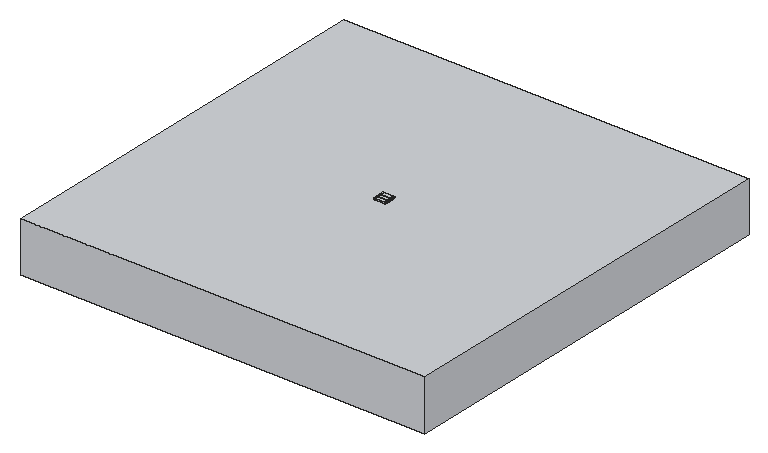
Revit family "Gira_2023112", category Elektroinstallationen, Revit 2017
Family settings
  Basisbauteil = Fläche
  Beschriftungsausrichtung beibehalten = Nein
  Bemaßung runder Anschluss = Durchmesser verwenden
  Teiletyp = Normal
  Beim Laden mit Abzugskörper schneiden = Nein
  Gemeinsam genutzt = Nein
  Raumberechnungspunkt = Nein
Parameters (values of type "KNX Tastsens.3 Basis 3f Flächenschalter Reinweiß")
  Werkstoffgüte = "Thermoplast"
  Werkstoff Text = "Kunststoff"
  Default Elevation = 1219.2 mm
  URL = "https://www.gira.de/"
  Typname = "KNX Tastsens.3 Basis 3f Flächenschalter Reinweiß"
  Type Comments = ""
  Transparent = no
  Schutzart (IP) = "IP20"
  RAL-Nummer (ähnlich) = 9010
  Produktseite = "https://media.stage.bim.site/t/eyJhbGciOiJIUzI1NiIsInR5cCI6IkpXVCJ9.eyJjdCI6MiwidHUiOiJodHRwOi8va2F0YWxvZy5naXJhLmRlL2RlX0RFL2RhdGVuYmxhdHQuaHRtbD9hcnRpa2VsbnI9MjAyMzExMiIsImNpZCI6IjMyNzdjYzIzLTgxYTktNGVlMy1hOTBhLWI0N2JiNGMwYjYxNiIsInJpZCI6IjcyMzA0ZDA4OTgxMzRhZjUyODZhNzE3ZTViOTNmMTI1IiwicGlkIjoiMTM2OThmYzI0YWU5OTg5MzZlZjQxZjEyY2QwMjkyYmY3NjUyZGY3NCIsInNpZCI6IjYzNDcwIiwidXQiOjEsImxjIjoiZGUiLCJpYXQiOjE2MDA5Mzg2NDMsImlzcyI6Imh0dHBzOi8vYXBpLmxpdmUuYmltLnNpdGUiLCJzdWIiOiJhZG1pbkBiaW1zaXRlLmRldiJ9.bggxGC-aE_p__lzBmFGycQ9E7bsu6kC_Qb_cSFGGkuk"
  Oberfläche Text = "Sandguss"
  Montageart = "Unterputz"
  Model = ""
  Mit Raumthermostat = no
  Mit LED-Anzeige = yes
  Mit Infrarotsensor = no
  Mit Display = no
  Mit Diebstahl-/Demontageschutz = yes
  Mit Busankopplung = no
  Mit Beschriftungsfeld = no
  Kosten = 0
  Hersteller = "Gira"
  HeinzeBIM = "https://www.heinze.de/bim/knx-tastsens-3-basis-3f-flaechenschalter-reinweiss/13698fc24ae998936ef41f12cd0292bf7652df74"
  HAN = "2023112"
  GTIN = "4010337087786"
  Farbe = "weiß"
  Datenblatt 1 = "https://media.stage.bim.site/t/eyJhbGciOiJIUzI1NiIsInR5cCI6IkpXVCJ9.eyJjdCI6MSwidGYiOiJwdWJsaWMvZ2lyYS9hZThjNTU3LzIwMjMxMTIudHh0IiwiY2lkIjoiMzI3N2NjMjMtODFhOS00ZWUzLWE5MGEtYjQ3YmI0YzBiNjE2IiwicmlkIjoiNzIzMDRkMDg5ODEzNGFmNTI4NmE3MTdlNWI5M2YxMjUiLCJwaWQiOiIxMzY5OGZjMjRhZTk5ODkzNmVmNDFmMTJjZDAyOTJiZjc2NTJkZjc0Iiwic2lkIjoiNjM0NzAiLCJ1dCI6MSwibGMiOiJkZSIsImlhdCI6MTYwMDkzODY0MywiaXNzIjoiaHR0cHM6Ly9hcGkubGl2ZS5iaW0uc2l0ZSIsInN1YiI6ImFkbWluQGJpbXNpdGUuZGV2In0.Mqj-nFOuf1qd5ITfVvZ9qcbhNe9ipJR2OjoqEXWVGco/2023112.txt"
  Datenblatt = "https://media.stage.bim.site/t/eyJhbGciOiJIUzI1NiIsInR5cCI6IkpXVCJ9.eyJjdCI6MSwidHUiOiJodHRwczovL2thdGFsb2cuZ2lyYS5kZS9kZV9ERS9kb3dubG9hZC5odG1sP2FydGlrZWxucj0yMDIzMTEyIiwiY2lkIjoiMzI3N2NjMjMtODFhOS00ZWUzLWE5MGEtYjQ3YmI0YzBiNjE2IiwicmlkIjoiNzIzMDRkMDg5ODEzNGFmNTI4NmE3MTdlNWI5M2YxMjUiLCJwaWQiOiIxMzY5OGZjMjRhZTk5ODkzNmVmNDFmMTJjZDAyOTJiZjc2NTJkZjc0Iiwic2lkIjoiNjM0NzAiLCJ1dCI6MSwibGMiOiJkZSIsImlhdCI6MTYwMDkzODY0MywiaXNzIjoiaHR0cHM6Ly9hcGkubGl2ZS5iaW0uc2l0ZSIsInN1YiI6ImFkbWluQGJpbXNpdGUuZGV2In0.totsjR1JXqFt49hrD-P-J5eImv1ofHGLPJCuYJAgHyQ"
  Bussystem Powernet = no
  Bussystem LON = no
  Bussystem KNX-Funk = no
  Bussystem KNX = yes
  Bussystem Funkbus = no
  Beschreibung = "KNX Tastsensor 3 Basis 3fach  Reinweiß glänzend Merkmale:  Montage auf Busankoppler 3.  Demontageschutz durch Verschraubung.  Wippenfunktion: Schalten, Dimmen, Jalousie, Wertgeber 1 Byte und Szenennebenstelle.  Zwei blaue Status-LEDs je Bedienfläche.  Weiße Betriebs-LED.  Funktion der Betriebs-LED und der Status-LED parametrierbar.  Hinweise :  Professionelle Beschriftung über den Gira Beschriftungsservice www.beschriftung.gira.de."
  Assembly Code = ""
  Keynote = ""
  BIMSITE_PRODUCT_ID = "13698fc24ae998936ef41f12cd0292bf7652df74"
  BIM = "https://media.stage.bim.site/t/eyJhbGciOiJIUzI1NiIsInR5cCI6IkpXVCJ9.eyJjdCI6MSwidGYiOiJwdWJsaWMvZ2lyYS9hZThjNTU3L0tOWCBUYXN0c2Vuc29yIDMgS29tZm9ydCAzZmFjaC5yZmEiLCJjaWQiOiIzMjc3Y2MyMy04MWE5LTRlZTMtYTkwYS1iNDdiYjRjMGI2MTYiLCJyaWQiOiI3MjMwNGQwODk4MTM0YWY1Mjg2YTcxN2U1YjkzZjEyNSIsInBpZCI6IjEzNjk4ZmMyNGFlOTk4OTM2ZWY0MWYxMmNkMDI5MmJmNzY1MmRmNzQiLCJzaWQiOiI2MzQ3MCIsInV0Ijo1LCJsYyI6ImRlIiwiaWF0IjoxNjAwOTM4NjQzLCJpc3MiOiJodHRwczovL2FwaS5saXZlLmJpbS5zaXRlIiwic3ViIjoiYWRtaW5AYmltc2l0ZS5kZXYifQ.tFTwCaw2WyZm3PBoVu5-tWLKf7W6cRhFaPlj6AaDCZk/KNX Tastsensor 3 Komfort 3fach.rfa"
  Ausführung der Oberfläche = "glänzend"
  Anzahl der Tasten = 3
  Anzahl der Betätigungspunkte = 6
  Andere Bussysteme = "ohne"
Reference planes
  plane 1 "Center (Front/Back)": y = 0
  plane 2: z = 0
  plane 3 "Center (Left/Right)": x = 0
  plane 4: z = -9.604
Forms (mm)
  Extrusion 1, solid
    sketch origin (0, 0, 0) x (1, 0, 0) y (0, 1, 0)
      loop
        line (-1219.2, 1219.2) -> (-1219.2, -1219.2) -> (1219.2, -1219.2) -> (1219.2, 1219.2) -> (-1219.2, 1219.2)
    from 0 to -304.8
  Extrusion 2, solid, detail levels fine
    sketch origin (0, 0, 0) x (1, 0, 0) y (0, 0, 1)
      loop
        line (-35.204, 3.097) -> (-35.258, 0) -> (-34.021, 0) -> (-33.888, 1.9) -> (33.888, 1.9) -> (34.021, 0) -> (35.258, 0) -> (35.204, 3.097) -> (34.204, 3.884) -> (35.165, 5.362) -> (35.143, 6.6) -> (-35.143, 6.6) -> (-35.165, 5.362) -> (-34.204, 3.884) -> (-35.204, 3.097)
    from -35.386 to -11.985
  Extrusion 3, solid, detail levels fine
    sketch origin (0, 0, 0) x (1, 0, 0) y (0, 0, 1)
      loop
        line (-34.914, -3.101) -> (34.914, -3.101) -> (34.835, -1.601) -> (33.811, -1.601) -> (33.523, 1.699) -> (-33.523, 1.699) -> (-33.811, -1.601) -> (-34.835, -1.601) -> (-34.914, -3.101)
    from -35 to 34.963
  SweptBlend 4, solid, detail levels fine
    path origin (0, 0, 0) x (0, 1, 0) y (0, 0, 1)
      loop
        line (0, -4.751) -> (0, -3.101)
    profile origin (0, 0, -4.751) x (0, -1, 0) y (1, 0, 0)
      loop
        line (-33.684, -33.637) -> (33.649, -33.637) -> (33.649, 33.637) -> (-33.684, 33.637) -> (-33.684, -33.637)
    end profile origin (0, 0, -3.101) x (0, -1, 0) y (1, 0, 0)
      loop
        line (33.94, -33.987) -> (33.94, 33.987) -> (-34.035, 33.987) -> (-34.035, -33.987) -> (33.94, -33.987)
  Extrusion 5, solid, detail levels fine
    sketch origin (0, 0, 0) x (1, 0, 0) y (0, 1, 0)
      loop
        line (-23.957, 19.167) -> (-23.957, 7.073) -> (-25.607, 7.073) -> (-25.607, -7.04) -> (-23.957, -7.04) -> (-23.957, -19.133)
        arc (-23.957, -19.133) -> (-22.549, -22.532) -> (-19.15, -23.94) r 4.807
        line (-19.15, -23.94) -> (19.15, -23.94)
        arc (19.15, -23.94) -> (22.549, -22.532) -> (23.957, -19.133) r 4.807
        line (23.957, -19.133) -> (23.957, -7.04) -> (25.607, -7.04) -> (25.607, 7.073) -> (23.957, 7.073) -> (23.957, 19.167)
        arc (23.957, 19.167) -> (22.549, 22.565) -> (19.15, 23.973) r 4.807
        line (19.15, 23.973) -> (-19.15, 23.973)
        arc (-19.15, 23.973) -> (-22.549, 22.565) -> (-23.957, 19.167) r 4.807
      loop
        line (-23.8, 6.217) -> (-24.95, 6.217) -> (-24.95, -6.183) -> (-23.843, -6.183) -> (-17.1, -3.181) -> (-17.1, 3.214) -> (-23.8, 6.217)
      loop
        line (23.843, 6.217) -> (17.1, 3.214) -> (17.1, -3.181) -> (23.8, -6.183) -> (24.95, -6.183) -> (24.95, 6.217) -> (23.843, 6.217)
    from -4.501 to -7.001
  Extrusion 6, solid, detail levels fine
    sketch origin (0, 0, 0) x (1, 0, 0) y (0, 1, 0)
      loop
        line (18.766, 1.305) -> (18.766, -1.275) -> (21, -2.565) -> (23.234, -1.275) -> (23.234, 1.305) -> (21, 2.595) -> (18.766, 1.305)
      loop
        line (-23.234, 1.305) -> (-23.234, -1.275) -> (-21, -2.565) -> (-18.766, -1.275) -> (-18.766, 1.305) -> (-21, 2.595) -> (-23.234, 1.305)
    from -5.101 to -7.001
  Extrusion 7, solid, detail levels fine
    sketch origin (0, 0, 0) x (1, 0, 0) y (0, 1, 0)
      loop
        line (-6.603, -21.281) -> (-6.603, -15.981) -> (6.603, -15.981) -> (6.603, -21.281) -> (7.397, -21.281) -> (7.397, -15.186) -> (-7.397, -15.186) -> (-7.397, -21.281) -> (-6.603, -21.281)
    from -7.301 to -10.401
  Extrusion 8, solid, detail levels fine
    sketch origin (0, 0, 0) x (1, 0, 0) y (0, 1, 0)
      loop
        line (-8.504, -14.749) -> (-8.504, -22.758) -> (8.504, -22.758) -> (8.504, -14.749) -> (-8.504, -14.749)
      loop
        circle (-5.08, -17.483) r 0.5
      loop
        circle (-2.54, -17.483) r 0.5
      loop
        circle (0, -17.483) r 0.5
      loop
        circle (2.54, -17.483) r 0.5
      loop
        circle (5.08, -17.483) r 0.5
      loop
        circle (5.08, -20.023) r 0.5
      loop
        circle (2.54, -20.023) r 0.5
      loop
        circle (0, -20.023) r 0.5
      loop
        circle (-2.54, -20.023) r 0.5
      loop
        circle (-5.08, -20.023) r 0.5
    from -6.527 to -7.301
  Extrusion 9, solid, detail levels fine
    sketch origin (0, 0, 0) x (1, 0, 0) y (0, 1, 0)
      loop
        line (-6.603, -18.141) -> (-6.603, -15.981) -> (-0.888, -15.981) -> (-0.888, -15.186) -> (-7.397, -15.186) -> (-7.397, -18.141) -> (-6.603, -18.141)
      loop
        line (6.603, -18.141) -> (7.397, -18.141) -> (7.397, -15.186) -> (0.888, -15.186) -> (0.888, -15.981) -> (6.603, -15.981) -> (6.603, -18.141)
    from -10.401 to -15.001
  Extrusion 10, solid, detail levels fine
    sketch origin (0, 0, 0) x (1, 0, 0) y (0, 1, 0)
      loop
        line (-14.008, -23.94) -> (-14.008, -25.541) -> (-12.361, -25.541) -> (-12.361, -24.233) -> (-9.639, -24.233) -> (-9.639, -25.541) -> (-7.992, -25.541) -> (-7.992, -23.94) -> (-14.008, -23.94)
    from -4.501 to -6.101
  Extrusion 11, solid, detail levels fine
    sketch origin (0, 0, 0) x (-1, 0, 0) y (0, -1, 0)
      loop
        line (-14.008, 23.94) -> (-7.992, 23.94) -> (-7.992, 25.541) -> (-9.639, 25.541) -> (-9.639, 24.233) -> (-12.361, 24.233) -> (-12.361, 25.541) -> (-14.008, 25.541) -> (-14.008, 23.94)
    from -4.501 to -6.101
  Extrusion 12, solid, detail levels fine
    sketch origin (0, 0, 0) x (-1, 0, 0) y (0, -1, 0)
      loop
        line (-14.008, -23.867) -> (-14.008, -25.574) -> (-12.361, -25.574) -> (-12.361, -24.233) -> (-9.639, -24.233) -> (-9.639, -25.574) -> (-7.992, -25.574) -> (-7.992, -23.867) -> (-14.008, -23.867)
    from -4.501 to -6.101
  Extrusion 13, solid, detail levels fine
    sketch origin (0, 0, 0) x (1, 0, 0) y (0, 1, 0)
      loop
        line (-14.008, 23.867) -> (-7.992, 23.867) -> (-7.992, 25.574) -> (-9.639, 25.574) -> (-9.639, 24.233) -> (-12.361, 24.233) -> (-12.361, 25.574) -> (-14.008, 25.574) -> (-14.008, 23.867)
    from -4.501 to -6.101
  Revolve 14, solid, detail levels fine
    sketch origin (0, 23.673, 0) x (1, 0, 0) y (0, 0, 1)
      loop
        line (-29, 7) -> (-30.327, 6) -> (-28, 6) -> (-28, 7) -> (-29, 7)
      axis (-28, 7) -> (-28, 6)
    angle from 0 to 360
  Extrusion 15, solid, detail levels coarse
    sketch origin (0, 0, 0) x (1, 0, 0) y (0, 1, 0)
      loop
        line (35.258, 35.386) -> (-35.258, 35.386) -> (-35.258, -35.386) -> (35.258, -35.386) -> (35.258, 35.386)
    from -18.904 to 7
  Extrusion 16, solid, detail levels medium
    sketch origin (0, 0, 0) x (1, 0, 0) y (0, 1, 0)
      loop
        line (35.258, 35.386) -> (-35.258, 35.386) -> (-35.258, 11.985) -> (35.258, 11.985) -> (35.258, 35.386)
    from 0 to 7
  Extrusion 17, solid, detail levels medium
    sketch origin (0, 0, 0) x (1, 0, 0) y (0, 1, 0)
      loop
        line (-34.914, 35.017) -> (-34.914, -34.994) -> (34.914, -34.994) -> (34.914, 35.017) -> (-34.914, 35.017)
    from 0 to -4.754
  Extrusion 18, solid, detail levels medium
    sketch origin (0, 0, 0) x (1, 0, 0) y (0, 1, 0)
      loop
        line (-23.957, 23.973) -> (-23.957, -23.94) -> (23.957, -23.94) -> (23.957, 23.973) -> (-23.957, 23.973)
    from -7.001 to -4.751
  Extrusion 19, solid, detail levels medium
    sketch origin (0, 0, 0) x (1, 0, 0) y (0, 1, 0)
      loop
        line (-7.397, -15.186) -> (-7.397, -21.281) -> (7.397, -21.281) -> (7.397, -15.186) -> (-7.397, -15.186)
    from -15.001 to 0
  Extrusion 20, solid, detail levels fine
    sketch origin (0, 0, 0) x (1, 0, 0) y (0, 0, 1)
      loop
        line (-24.092, -5.101) -> (-25.266, -10.462)
        arc (-25.266, -10.462) -> (-25.344, -11.857) -> (-24.981, -13.206) r 4.4
        line (-24.981, -13.206) -> (-23.425, -16.671) -> (-23.055, -17.494)
        arc (-23.055, -17.494) -> (-22.984, -18.085) -> (-23.262, -18.612) r 1
        arc (-23.262, -18.612) -> (-22.789, -18.919) -> (-22.319, -18.607) r 0.514
        arc (-22.319, -18.607) -> (-22.168, -17.886) -> (-22.326, -17.166) r 1.8
        line (-22.326, -17.166) -> (-22.695, -16.344) -> (-24.252, -12.879)
        arc (-24.252, -12.879) -> (-24.548, -11.775) -> (-24.484, -10.634) r 3.6
        line (-24.484, -10.634) -> (-23.273, -5.101) -> (-24.092, -5.101)
    from -5.999 to -3.15
  Extrusion 21, solid, detail levels fine
    sketch origin (0, 0, 0) x (1, 0, 0) y (0, 0, -1)
      loop
        line (-24.092, 5.101) -> (-23.273, 5.101) -> (-24.484, 10.634)
        arc (-24.484, 10.634) -> (-24.548, 11.775) -> (-24.252, 12.879) r 3.6
        line (-24.252, 12.879) -> (-22.695, 16.344) -> (-22.326, 17.166)
        arc (-22.326, 17.166) -> (-22.168, 17.886) -> (-22.319, 18.607) r 1.8
        arc (-22.319, 18.607) -> (-22.789, 18.919) -> (-23.262, 18.612) r 0.514
        arc (-23.262, 18.612) -> (-22.984, 18.085) -> (-23.055, 17.494) r 1
        line (-23.055, 17.494) -> (-23.425, 16.671) -> (-24.981, 13.206)
        arc (-24.981, 13.206) -> (-25.344, 11.857) -> (-25.266, 10.462) r 4.4
        line (-25.266, 10.462) -> (-24.092, 5.101)
    from -5.999 to -3.15
  Extrusion 22, solid, detail levels fine
    sketch origin (0, 0, 0) x (-1, 0, 0) y (0, 0, -1)
      loop
        line (-24.092, 5.101) -> (-23.273, 5.101) -> (-24.484, 10.634)
        arc (-24.484, 10.634) -> (-24.548, 11.775) -> (-24.252, 12.879) r 3.6
        line (-24.252, 12.879) -> (-22.695, 16.344) -> (-22.326, 17.166)
        arc (-22.326, 17.166) -> (-22.168, 17.886) -> (-22.319, 18.607) r 1.8
        arc (-22.319, 18.607) -> (-22.789, 18.919) -> (-23.262, 18.612) r 0.514
        arc (-23.262, 18.612) -> (-22.984, 18.085) -> (-23.055, 17.494) r 1
        line (-23.055, 17.494) -> (-23.425, 16.671) -> (-24.981, 13.206)
        arc (-24.981, 13.206) -> (-25.344, 11.857) -> (-25.266, 10.462) r 4.4
        line (-25.266, 10.462) -> (-24.092, 5.101)
    from -5.999 to -3.15
  Extrusion 23, solid, detail levels fine
    sketch origin (0, 0, 0) x (-1, 0, 0) y (0, 0, 1)
      loop
        line (-24.092, -5.101) -> (-25.266, -10.462)
        arc (-25.266, -10.462) -> (-25.344, -11.857) -> (-24.981, -13.206) r 4.4
        line (-24.981, -13.206) -> (-23.425, -16.671) -> (-23.055, -17.494)
        arc (-23.055, -17.494) -> (-22.984, -18.085) -> (-23.262, -18.612) r 1
        arc (-23.262, -18.612) -> (-22.789, -18.919) -> (-22.319, -18.607) r 0.514
        arc (-22.319, -18.607) -> (-22.168, -17.886) -> (-22.326, -17.166) r 1.8
        line (-22.326, -17.166) -> (-22.695, -16.344) -> (-24.252, -12.879)
        arc (-24.252, -12.879) -> (-24.548, -11.775) -> (-24.484, -10.634) r 3.6
        line (-24.484, -10.634) -> (-23.273, -5.101) -> (-24.092, -5.101)
    from -5.999 to -3.15
  Extrusion 24, solid, detail levels medium
    sketch origin (0, 0, 0) x (1, 0, 0) y (0, 0, 1)
      loop
        line (-22.422, -18.904) -> (-21.545, -18.904) -> (-24.739, -11.795) -> (-23.273, -5.101) -> (-24.092, -5.101) -> (-25.577, -11.881) -> (-22.422, -18.904)
    from -5.999 to 6
  Extrusion 25, solid, detail levels medium
    sketch origin (0, 0, 0) x (-1, 0, 0) y (0, 0, -1)
      loop
        line (-22.422, 18.904) -> (-25.577, 11.881) -> (-24.092, 5.101) -> (-23.273, 5.101) -> (-24.739, 11.795) -> (-21.545, 18.904) -> (-22.422, 18.904)
    from -5.999 to 6
  Extrusion 26, solid, detail levels fine
    sketch origin (0, 23.685, 0) x (1, 0, 0) y (0, 0, -1)
      loop
        line (-35.204, -3.097) -> (-34.204, -3.884) -> (-35.165, -5.362) -> (-35.143, -6.6) -> (35.143, -6.6) -> (35.165, -5.362) -> (34.204, -3.884) -> (35.204, -3.097) -> (35.258, 0) -> (34.021, 0) -> (33.888, -1.9) -> (-33.888, -1.9) -> (-34.021, 0) -> (-35.258, 0) -> (-35.204, -3.097)
    from -35.386 to -11.985
  Extrusion 27, solid, detail levels medium
    sketch origin (0, 23.701, 0) x (1, 0, 0) y (0, 1, 0)
      loop
        line (35.258, -35.401) -> (35.258, -12) -> (-35.258, -12) -> (-35.258, -35.401) -> (35.258, -35.401)
    from 0 to 7
  Extrusion 28, solid, detail levels fine
    sketch origin (0, 0, 0) x (1, 0, 0) y (0, 1, 0)
      loop
        circle (-22.995, 11.021) r 2
    from -4.501 to -6.601
  Extrusion 29, solid, detail levels fine
    sketch origin (0, 0, 0) x (1, 0, 0) y (0, 1, 0)
      loop
        circle (-22.995, 11.021) r 1.5
    from -6.601 to -9.604
  Extrusion 30, solid, detail levels fine
    sketch origin (0, 0, 0) x (-1, 0, 0) y (0, -1, 0)
      loop
        circle (-22.995, -11.021) r 1.5
    from -6.601 to -9.604
  Extrusion 31, solid, detail levels fine
    sketch origin (0, 0, 0) x (-1, 0, 0) y (0, -1, 0)
      loop
        arc (-23.957, -19.167) -> (-22.549, -22.565) -> (-19.15, -23.973) r 4.807
        line (-19.15, -23.973) -> (19.15, -23.973)
        arc (19.15, -23.973) -> (22.549, -22.565) -> (23.957, -19.167) r 4.807
        line (23.957, -19.167) -> (23.957, -7.073) -> (25.607, -7.073) -> (25.607, 7.04) -> (23.957, 7.04) -> (23.957, 19.133)
        arc (23.957, 19.133) -> (22.549, 22.532) -> (19.15, 23.94) r 4.807
        line (19.15, 23.94) -> (-19.15, 23.94)
        arc (-19.15, 23.94) -> (-22.549, 22.532) -> (-23.957, 19.133) r 4.807
        line (-23.957, 19.133) -> (-23.957, 7.04) -> (-25.607, 7.04) -> (-25.607, -7.073) -> (-23.957, -7.073) -> (-23.957, -19.167)
      loop
        line (-23.8, -6.217) -> (-17.1, -3.214) -> (-17.1, 3.181) -> (-23.843, 6.183) -> (-24.95, 6.183) -> (-24.95, -6.217) -> (-23.8, -6.217)
      loop
        line (23.843, -6.217) -> (24.95, -6.217) -> (24.95, 6.183) -> (23.8, 6.183) -> (17.1, 3.181) -> (17.1, -3.214) -> (23.843, -6.217)
    from -4.501 to -7.001
  Extrusion 32, solid, detail levels fine
    sketch origin (0, 0, 0) x (-1, 0, 0) y (0, -1, 0)
      loop
        circle (-22.995, -11.021) r 2
    from -4.501 to -6.601
  Extrusion 33, solid, detail levels medium
    sketch origin (0, 0, 0) x (-1, 0, 0) y (0, -1, 0)
      loop
        line (-21.495, -12.521) -> (-21.495, -9.521) -> (-24.495, -9.521) -> (-24.495, -12.521) -> (-21.495, -12.521)
    from -4.501 to -9.604
  Extrusion 34, solid, detail levels medium
    sketch origin (0, 0, 0) x (1, 0, 0) y (0, 1, 0)
      loop
        line (-21.495, 12.521) -> (-24.495, 12.521) -> (-24.495, 9.521) -> (-21.495, 9.521) -> (-21.495, 12.521)
    from -4.501 to -9.604
  Extrusion 35, solid, detail levels medium
    sketch origin (0, 0, 0) x (1, 0, 0) y (0, 1, 0)
      loop
        line (35.258, -35.386) -> (35.258, -11.985) -> (-35.258, -11.985) -> (-35.258, -35.386) -> (35.258, -35.386)
    from 0 to 7
  Extrusion 36, solid, detail levels fine
    sketch origin (0, 0, 0) x (1, 0, 0) y (0, 0, -1)
      loop
        line (-35.204, -3.097) -> (-34.204, -3.884) -> (-35.165, -5.362) -> (-35.143, -6.6) -> (35.143, -6.6) -> (35.165, -5.362) -> (34.204, -3.884) -> (35.204, -3.097) -> (35.258, 0) -> (34.021, 0) -> (33.888, -1.9) -> (-33.888, -1.9) -> (-34.021, 0) -> (-35.258, 0) -> (-35.204, -3.097)
    from -35.386 to -11.985
  Revolve 37, solid, detail levels fine
    sketch origin (0, 23.673, 0) x (-1, 0, 0) y (0, 0, -1)
      loop
        line (-29, -7) -> (-28, -7) -> (-28, -6) -> (-30.327, -6) -> (-29, -7)
      axis (-28, -7) -> (-28, -6)
    angle from 0 to 360
  Revolve 38, solid, detail levels fine
    sketch origin (0, -23.673, 0) x (-1, 0, 0) y (0, 0, 1)
      loop
        line (-29, 7) -> (-30.327, 6) -> (-28, 6) -> (-28, 7) -> (-29, 7)
      axis (-28, 7) -> (-28, 6)
    angle from 0 to 360
  Revolve 39, solid, detail levels fine
    sketch origin (0, -23.673, 0) x (1, 0, 0) y (0, 0, -1)
      loop
        line (-29, -7) -> (-28, -7) -> (-28, -6) -> (-30.327, -6) -> (-29, -7)
      axis (-28, -7) -> (-28, -6)
    angle from 0 to 360
  Revolve 40, solid, detail levels fine
    sketch origin (0, 0, 0) x (1, 0, 0) y (0, 0, 1)
      loop
        line (-29, 7) -> (-30.327, 6) -> (-28, 6) -> (-28, 7) -> (-29, 7)
      axis (-28, 7) -> (-28, 6)
    angle from 0 to 360
  Revolve 41, solid, detail levels fine
    sketch origin (0, 0, 0) x (-1, 0, 0) y (0, 0, -1)
      loop
        line (-29, -7) -> (-28, -7) -> (-28, -6) -> (-30.327, -6) -> (-29, -7)
      axis (-28, -7) -> (-28, -6)
    angle from 0 to 360
Lines and regions (mm)
  reference lines
    curve 1: line (-35.258, 0, 0) -> (35.258, 0, 0)
Dimensions and locks
  aligned and locked: plane 2 to Extrusion 1
  aligned and locked: level to Extrusion 1
Connectors
  electrical at (0, -18.753, -7.301)
    settings: on Extrusion 8, index 1, voltage 220 V, apparent load 0 VA, apparent load phase1 0 VA, apparent load phase2 0 VA, apparent load phase3 0 VA, power factor 1, load classification "Other", number of poles 1, system type 31, power factor state 1, is connector primary yes, connector utility no, sub classification motor no, connector description ""
